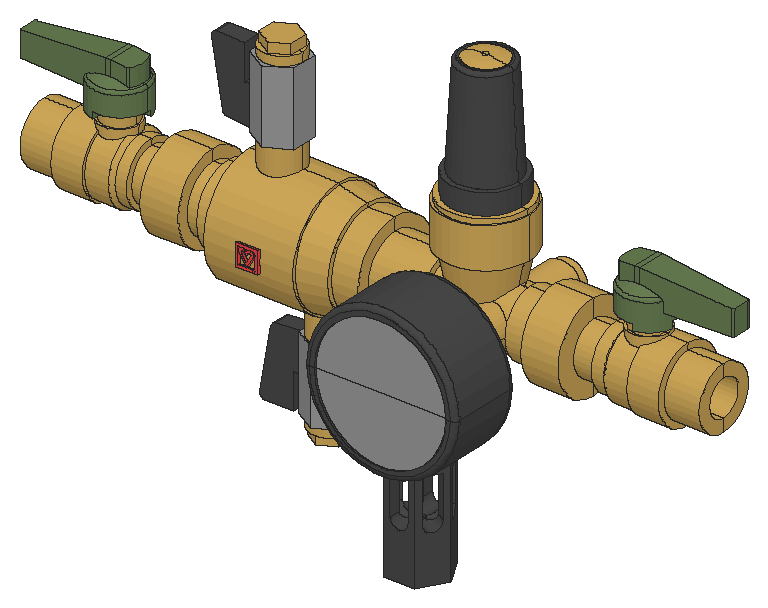
Revit family "Systemtrenner Nachfüll 0305", category Rohrzubehör, Revit 2018
Family settings
  Bemaßung runder Anschluss = Durchmesser verwenden
  Teiletyp = Unterbricht
  OmniClass-Nummer = 23.65.55.14
  OmniClass-Titel = Valves for Liquid Services
  Arbeitsebenenbasiert = Nein
  Immer vertikal = Ja
  Beim Laden mit Abzugskörper schneiden = Nein
  Gemeinsam genutzt = Nein
Parameters
  Voreingestellter Druck (werkseitig) = 150000.0 Pa  # constant formula
  W02 = 80.00°  # constant formula
  W01 = 45.00°  # constant formula
  URL = "www.herz-armaturen.at"
  SC_NennweiteBerechnet = 0
  SC_Dimension = ""
  SCTWSEQ = "AW;SBT_TYP_AW=\"104\";2"
  SCTWCODE = "04;12;02"  # constant formula
  S08 = 65.000 mm  # constant formula
  S07 = 75.000 mm  # constant formula
  S06 = 27.000 mm  # constant formula
  S05 = 8.000 mm  # constant formula
  S04 = 20.000 mm  # constant formula
  S03 = 40.000 mm  # constant formula
  S02 [instance] = L17 + L18 + L19 + L20 + L21  # 74.900 mm
  S01 [instance] = D02 - 2.000 mm  # 13.200 mm
  R08 = 8.500 mm  # constant formula
  R07 = 31.000 mm  # constant formula
  R06 = 7.300 mm  # constant formula
  R05 = 6.500 mm  # constant formula
  R04 = 7.500 mm  # constant formula
  R03 = 8.500 mm  # constant formula
  R02 = 7.000 mm  # constant formula
  R01 = 8.000 mm  # constant formula
  Nennweite [instance] = 15.000 mm
  Medium = "Wasser"  # constant formula
  Max. Betriebstemperatur (Kurzzeitig) = 85 °C  # constant formula
  Max. Betriebstemperatur = 65 °C  # constant formula
  Max. Betriebsdruck = 1000000.0 Pa  # constant formula
  L29 = 28.800 mm  # constant formula
  L28 = 85.300 mm  # constant formula
  L27 = 44.500 mm  # constant formula
  L26 = 48.500 mm  # constant formula
  L25 = 28.600 mm  # constant formula
  L24 = 10.100 mm  # constant formula
  L23 = 34.000 mm  # constant formula
  L22 = 22.000 mm  # constant formula
  L21 = 11.000 mm  # constant formula
  L20 = 12.000 mm  # constant formula
  L19 = 36.700 mm  # constant formula
  L18 = 8.700 mm  # constant formula
  L17 = 6.500 mm  # constant formula
  L16 = 70.500 mm  # constant formula
  L15 = 18.800 mm  # constant formula
  L14 = 30.000 mm  # constant formula
  L13 = 8.700 mm  # constant formula
  L12 = 4.800 mm  # constant formula
  L11 = 4.000 mm  # constant formula
  L10 = 23.300 mm  # constant formula
  L09 = 26.200 mm  # constant formula
  L08 = 15.500 mm  # constant formula
  L07 [instance] = size_lookup("0305_", "L7", 1.000 mm, Nennweite)  # 53.500 mm
  L06 [instance] = size_lookup("0305_", "L6", 1.000 mm, Nennweite)  # 30.700 mm
  L05 = 4.800 mm  # constant formula
  L04 = 10.000 mm  # constant formula
  L03 = 13.000 mm  # constant formula
  L02 [instance] = size_lookup("0305_", "L2", 1.000 mm, Nennweite)  # 14.600 mm
  L01 [instance] = size_lookup("0305_", "L1", 1.000 mm, Nennweite)  # 56.000 mm
  L00 [instance] = size_lookup("0305_", "L", 1.000 mm, Nennweite)  # 139.500 mm
  IG [instance] = Nennweite / 2  # 7.500 mm
  Hinweis = "Gemäß Art 33 der REACH-Verordnung (EG Nr. 1907/2006) sind wir verpflichtet, darauf hinzuweisen, dass der Stoff Blei auf der SVHC-Liste geführt wird und dass alle aus Messing bestehenden Bauteile, die in unseren Erzeugnissen verarbeitet sind, mehr als 0,1 % (w/w) Blei (CAS: 7439-92-1 / EINECS: 231-100-4) enthalten.\r\nDa Blei als Legierungsbestandteil fest gebunden ist, sind keine Expositionen zu erwarten und daher sind keine zusätzlichen Angaben zur sicheren Verwendung notwendig."
  Hersteller = "HERZ Armaturen Ges.m.b.H."  # constant formula
  Gehäuse = "Messing, CW617N"  # constant formula
  GT [instance] = size_lookup("0305_", "GT", 1.000 mm, Nennweite)  # 12.500 mm
  Einbaulage = "waagerecht"  # constant formula
  Dichtungen = "EPDM entsprechend KTW"  # constant formula
  D18 = 92.300 mm  # constant formula
  D17 = 66.500 mm  # constant formula
  D16 = 66.700 mm  # constant formula
  D15 = 12.200 mm  # constant formula
  D14 = 14.200 mm  # constant formula
  D13 = 19.200 mm  # constant formula
  D12 = 22.800 mm  # constant formula
  D11 = 23.700 mm  # constant formula
  D10 = 16.300 mm  # constant formula
  D09 = 13.500 mm  # constant formula
  D08 = 18.000 mm  # constant formula
  D07 = 22.000 mm  # constant formula
  D06 = 16.000 mm  # constant formula
  D05 = 10.600 mm  # constant formula
  D04 = 12.900 mm  # constant formula
  D03 = 14.400 mm  # constant formula
  D02 = 15.200 mm  # constant formula
  D01 [instance] = size_lookup("0305_", "D1", 1.000 mm, Nennweite)  # 12.600 mm
  Bestellnummer [instance] = if(Nennweite = 15.000 mm, "I030501", if(Nennweite = 20.000 mm, "I030502", "0"))  # "I030501"
  Ausgangsdruck (regelbar) = "0.5-3 bar"  # constant formula
  Anwendung = "Systemtrenner haben gemäß EN 1717 die Aufgabe ein Rückdrücken, Rückfließen oder Rücksaugen von verschmutztem Wasser in das Trinkwassernetz zu verhindern.\r\nDer Einsatzbereich ist überall dort wo eine Verbindung zwischen dem Trinkwassernetz und Nutzwasser durch feste oder flexible Leitungen hergestellt wird.\r\nBevorzugte Anwendungsgebiete sind Enthärtungs-, Entsäuerungs- und Entkarbonisierungsanlagen.\r\nAußerdem können die Systemtrenner in Desinfektionsanlagen oder vor chemischen Reinigungsapparaten eingesetzt werden um das Rückfließen von chemisch belastetem Wasser zu verhindern."
Reference planes
  plane 1 "Mitte (Vorne/hinten)": y = 0
  plane 2: z = 0
  plane 3 "Mitte (Links/rechts)": x = 0
Forms (mm)
  Revolve 1, solid, material "Messing, weicher Gelbton, geschweißt", detail levels fine
    sketch origin (0, 0, 0) x (1, 0, 0) y (0, 0, 1)
      loop
        line (-127, 0) -> (-83.5, 0) -> (-83.5, 10.6) -> (-95.6, 10.6) -> (-95.6, 12.9) -> (-100.4, 12.9) -> (-101.9, 14.4) -> (-111.9, 14.4) -> (-111.9, 15.2) -> (-124.9, 15.2) -> (-124.9, 12.6) -> (-139.5, 12.6) -> (-139.5, 7.5) -> (-127, 7.5) -> (-127, 0)
      axis (-139.5, 0) -> (-83.5, 0)
    angle from 0 to 360
  Revolve 2, solid, material "Messing, weicher Gelbton, geschweißt", detail levels fine
    sketch origin (0, 0, 0) x (1, 0, 0) y (0, 0, 1)
      loop
        line (-100.8, 0) -> (-100.8, 16) -> (-101.8, 16) -> (-101.8, 22) -> (-108.8, 22) -> (-108.8, 0) -> (-100.8, 0)
      axis (-108.8, 22) -> (-108.8, 0)
    angle from 0 to 360
  Revolve 3, solid, material "Messing, weicher Gelbton, geschweißt", detail levels fine
    sketch origin (0, 0, 0) x (-1, 0, 0) y (0, 0, 1)
      loop
        line (-127, 0) -> (-83.5, 0) -> (-83.5, 10.6) -> (-95.6, 10.6) -> (-95.6, 12.9) -> (-100.4, 12.9) -> (-101.9, 14.4) -> (-111.9, 14.4) -> (-111.9, 15.2) -> (-124.9, 15.2) -> (-124.9, 12.6) -> (-139.5, 12.6) -> (-139.5, 7.5) -> (-127, 7.5) -> (-127, 0)
      axis (-139.5, 0) -> (-83.5, 0)
    angle from 0 to 360
  Revolve 4, solid, material "Messing, weicher Gelbton, geschweißt", detail levels fine
    sketch origin (0, 0, 0) x (-1, 0, 0) y (0, 0, 1)
      loop
        line (-100.8, 0) -> (-100.8, 16) -> (-101.8, 16) -> (-101.8, 22) -> (-108.8, 22) -> (-108.8, 0) -> (-100.8, 0)
      axis (-108.8, 22) -> (-108.8, 0)
    angle from 0 to 360
  Revolve 5, solid, material "Kunststoff GRÜN", detail levels fine
    sketch origin (-98.3, 0, 19.6) x (1, 0, 0) y (0, 0, 1)
      loop
        line (-10.5, 0) -> (0.9, 0) -> (0.9, 10.964)
        arc (0.9, 10.964) -> (0.673, 11.758) -> (0.059, 12.311) r 1.5
        line (0.059, 12.311) -> (-8.5, 16.5) -> (-10.5, 16.5) -> (-10.5, 0)
      axis (-10.5, 16.5) -> (-10.5, 0)
    angle from 0 to 360
  Extrusion 6, void
    sketch origin (-98.3, 0, 0) x (1, 0, 0) y (0, 1, 0)
      loop
        arc (-8.4, 11.205) -> (-18.561, 8.061) -> (-21.705, -2.1) r 11.4
        line (-21.705, -2.1) -> (-17.178, -2.1)
        arc (-17.178, -2.1) -> (-15.45, -4.95) -> (-12.6, -6.678) r 7
        line (-12.6, -6.678) -> (-12.6, -11.205)
        arc (-12.6, -11.205) -> (-2.439, -8.061) -> (0.705, 2.1) r 11.4
        line (0.705, 2.1) -> (-3.822, 2.1)
        arc (-3.822, 2.1) -> (-5.55, 4.95) -> (-8.4, 6.678) r 7
        line (-8.4, 6.678) -> (-8.4, 11.205)
    from 19.6 to 22.3
  Extrusion 7, solid, material "Kunststoff GRÜN", detail levels fine
    sketch origin (-98.3, 0, 0) x (1, 0, 0) y (0, 1, 0)
      loop
        line (-48.5, 3.242) -> (-48.5, -3.242)
        arc (-48.5, -3.242) -> (-48.281, -3.792) -> (-47.743, -4.041) r 0.8
        line (-47.743, -4.041) -> (-11.5, -5.987) -> (-9.5, -5.987) -> (-3.01, -5.535)
        arc (-3.01, -5.535) -> (-2.552, -5.387) -> (-2.216, -5.042) r 1
        arc (-2.216, -5.042) -> (-0.852, 0) -> (-2.216, 5.042) r 10
        arc (-2.216, 5.042) -> (-2.552, 5.387) -> (-3.01, 5.535) r 1
        line (-3.01, 5.535) -> (-9.5, 5.987) -> (-10.5, 5.987) -> (-11.5, 5.987) -> (-47.743, 4.041)
        arc (-47.743, 4.041) -> (-48.281, 3.792) -> (-48.5, 3.242) r 0.8
    from 26.6 to 40.1
  Extrusion 8, void
    sketch origin (-108.8, 0, 0) x (1, 0, 0) y (0, 0, 1)
      loop
        line (1, 40.1) -> (10.462, 39.272) -> (10.462, 41.682) -> (-40.279, 41.682) -> (-40.279, 36.664) -> (-1, 40.1) -> (0, 40.1) -> (1, 40.1)
    from 8 to -8
  Revolve 9, solid, material "Kunststoff GRÜN", detail levels fine
    sketch origin (98.3, 0, 19.6) x (-1, 0, 0) y (0, 0, -1)
      loop
        line (-10.5, 0) -> (-10.5, -16.5) -> (-8.5, -16.5) -> (0.059, -12.311)
        arc (0.059, -12.311) -> (0.673, -11.758) -> (0.9, -10.964) r 1.5
        line (0.9, -10.964) -> (0.9, 0) -> (-10.5, 0)
      axis (-10.5, -16.5) -> (-10.5, 0)
    angle from 0 to 360
  Extrusion 10, void
    sketch origin (98.3, 0, 0) x (-1, 0, 0) y (0, -1, 0)
      loop
        line (-8.4, -11.205) -> (-8.4, -6.678)
        arc (-8.4, -6.678) -> (-5.55, -4.95) -> (-3.822, -2.1) r 7
        line (-3.822, -2.1) -> (0.705, -2.1)
        arc (0.705, -2.1) -> (-2.439, 8.061) -> (-12.6, 11.205) r 11.4
        line (-12.6, 11.205) -> (-12.6, 6.678)
        arc (-12.6, 6.678) -> (-15.45, 4.95) -> (-17.178, 2.1) r 7
        line (-17.178, 2.1) -> (-21.705, 2.1)
        arc (-21.705, 2.1) -> (-18.561, -8.061) -> (-8.4, -11.205) r 11.4
    from 19.6 to 22.3
  Extrusion 11, solid, material "Kunststoff GRÜN", detail levels fine
    sketch origin (98.3, 0, 0) x (-1, 0, 0) y (0, -1, 0)
      loop
        arc (-48.5, -3.242) -> (-48.281, -3.792) -> (-47.743, -4.041) r 0.8
        line (-47.743, -4.041) -> (-11.5, -5.987) -> (-10.5, -5.987) -> (-9.5, -5.987) -> (-3.01, -5.535)
        arc (-3.01, -5.535) -> (-2.552, -5.387) -> (-2.216, -5.042) r 1
        arc (-2.216, -5.042) -> (-0.852, 0) -> (-2.216, 5.042) r 10
        arc (-2.216, 5.042) -> (-2.552, 5.387) -> (-3.01, 5.535) r 1
        line (-3.01, 5.535) -> (-9.5, 5.987) -> (-11.5, 5.987) -> (-47.743, 4.041)
        arc (-47.743, 4.041) -> (-48.281, 3.792) -> (-48.5, 3.242) r 0.8
        line (-48.5, 3.242) -> (-48.5, -3.242)
    from 26.6 to 40.1
  Extrusion 12, void
    sketch origin (108.8, 0, 0) x (-1, 0, 0) y (0, 0, -1)
      loop
        line (1, -40.1) -> (0, -40.1) -> (-1, -40.1) -> (-40.279, -36.664) -> (-40.279, -41.682) -> (10.462, -41.682) -> (10.462, -39.272) -> (1, -40.1)
    from 8 to -8
  Revolve 13, solid, material "Messing, weicher Gelbton, geschweißt", detail levels fine
    sketch origin (0, 0, 0) x (1, 0, 0) y (0, 0, 1)
      loop
        line (-86, 0) -> (-70.5, 0) -> (-70.5, 18) -> (-86, 18) -> (-86, 0)
      axis (-86, 0) -> (-70.5, 0)
    angle from 0 to 360
  Revolve 14, solid, material "Messing, weicher Gelbton, geschweißt", detail levels fine
    sketch origin (0, 0, 0) x (-1, 0, 0) y (0, 0, 1)
      loop
        line (-86, 0) -> (-70.5, 0) -> (-70.5, 18) -> (-86, 18) -> (-86, 0)
      axis (-86, 0) -> (-70.5, 0)
    angle from 0 to 360
  Revolve 15, solid, material "Messing, weicher Gelbton, geschweißt", detail levels fine
    sketch origin (0, 0, 0) x (1, 0, 0) y (0, 1, 0)
      loop
        line (59.2, 26.2) -> (59.2, 30.2) -> (51.7, 30.2) -> (51.7, -28.1) -> (58.2, -28.1) -> (58.2, -23.3) -> (60.2, -23.3) -> (60.2, 26.2) -> (59.2, 26.2)
      axis (51.7, 30.2) -> (51.7, -28.1)
    angle from 0 to 360
  Revolve 16, solid, material "Kunststoff - SCHWARZ", detail levels fine
    sketch origin (0, 0, 0) x (1, 0, 0) y (0, 1, 0)
      loop
        line (51.7, -28.1) -> (51.7, -64.8) -> (78.7, -64.8) -> (78.7, -66.8) -> (80.7, -66.8)
        arc (80.7, -66.8) -> (82.114, -66.214) -> (82.7, -64.8) r 2
        line (82.7, -64.8) -> (82.7, -38.8)
        arc (82.7, -38.8) -> (82.114, -37.386) -> (80.7, -36.8) r 2
        line (80.7, -36.8) -> (59, -36.8) -> (59, -28.1) -> (51.7, -28.1)
      axis (51.7, -28.1) -> (51.7, -66.8)
    angle from 0 to 360
  Revolve 17, solid, material "Messing, weicher Gelbton, geschweißt", detail levels fine
    sketch origin (0, 0, 0) x (1, 0, 0) y (0, 0, 1)
      loop
        line (-70.5, 0) -> (70.5, 0) -> (70.5, 13.5) -> (60.4, 13.5) -> (60.4, 12.2) -> (26.4, 12.2) -> (26.4, 14.2) -> (4.4, 14.2) -> (4.4, 19.2) -> (-6.6, 19.2) -> (-6.6, 20.684) -> (-18.6, 22.8) -> (-18.6, 23.7) -> (-55.3, 23.7) -> (-55.3, 16.3) -> (-64, 16.3) -> (-64, 13.5) -> (-70.5, 13.5) -> (-70.5, 0)
      axis (-70.5, 0) -> (70.5, 0)
    angle from 0 to 360
  Revolve 18, solid, material "Messing, weicher Gelbton, geschweißt", detail levels fine
    sketch origin (0, 0, 0) x (1, 0, 0) y (0, 0, 1)
      loop
        line (-41.9, 0) -> (-33.4, 0) -> (-33.4, 66.7) -> (-41.9, 66.7) -> (-41.9, 0)
      axis (-41.9, 0) -> (-41.9, 66.7)
    angle from 0 to 360
  Revolve 19, solid, material "Messing, weicher Gelbton, geschweißt", detail levels fine
    sketch origin (0, 0, 0) x (1, 0, 0) y (0, 0, -1)
      loop
        line (-22, 0) -> (-13.5, 0) -> (-13.5, 66.7) -> (-22, 66.7) -> (-22, 0)
      axis (-22, 0) -> (-22, 66.7)
    angle from 0 to 360
  Extrusion 20, solid, material "Messing, weicher Gelbton, geschweißt", detail levels fine
    sketch origin (0, 0, 0) x (1, 0, 0) y (0, 1, 0)
      loop
        line (-41.9, 7.5) -> (-48.395, 3.75) -> (-48.395, -3.75) -> (-41.9, -7.5) -> (-35.405, -3.75) -> (-35.405, 3.75) -> (-41.9, 7.5)
    from 66.7 <- "D16" to 70.7
  Extrusion 21, solid, material "Messing, weicher Gelbton, geschweißt", detail levels fine
    sketch origin (0, 0, 0) x (1, 0, 0) y (0, 1, 0)
      loop
        line (-22, 7.5) -> (-28.495, 3.75) -> (-28.495, -3.75) -> (-22, -7.5) -> (-15.505, -3.75) -> (-15.505, 3.75) -> (-22, 7.5)
    from -70.7 to -66.7
  Extrusion 22, solid, material "Aluminium 3003-H16", detail levels fine
    sketch origin (0, 0, 0) x (1, 0, 0) y (0, 1, 0)
      loop
        line (-41.9, 10.5) -> (-50.993, 5.25) -> (-50.993, -5.25) -> (-41.9, -10.5) -> (-32.807, -5.25) -> (-32.807, 5.25) -> (-41.9, 10.5)
    from 33.3 to 63.3
  Extrusion 23, solid, material "Aluminium 3003-H16", detail levels fine
    sketch origin (0, 0, 0) x (1, 0, 0) y (0, 1, 0)
      loop
        line (-22, 10.5) -> (-31.093, 5.25) -> (-31.093, -5.25) -> (-22, -10.5) -> (-12.907, -5.25) -> (-12.907, 5.25) -> (-22, 10.5)
    from -63.3 to -33.3
  Extrusion 24, solid, material "Kunststoff - SCHWARZ", detail levels fine
    sketch origin (0, 0, 0) x (1, 0, 0) y (0, 0, 1)
      loop
        line (-31.093, -33.8) -> (-41.854, -34.675)
        arc (-41.854, -34.675) -> (-43.039, -35.189) -> (-43.662, -36.321) r 2
        line (-43.662, -36.321) -> (-48.186, -61.952)
        arc (-48.186, -61.952) -> (-47.748, -63.585) -> (-46.216, -64.3) r 2
        line (-46.216, -64.3) -> (-34.4, -64.3) -> (-34.4, -49.8) -> (-22, -49.8) -> (-22, -33.8) -> (-31.093, -33.8)
    from -3.5 to 3.5
  Extrusion 25, solid, material "Kunststoff - SCHWARZ", detail levels fine
    sketch origin (-20, 0, 0) x (1, 0, 0) y (0, 0, 1)
      loop
        line (-31.093, 33.8) -> (-22, 33.8) -> (-22, 49.8) -> (-34.4, 49.8) -> (-34.4, 64.3) -> (-46.216, 64.3)
        arc (-46.216, 64.3) -> (-47.748, 63.585) -> (-48.186, 61.952) r 2
        line (-48.186, 61.952) -> (-43.662, 36.321)
        arc (-43.662, 36.321) -> (-43.039, 35.189) -> (-41.854, 34.675) r 2
        line (-41.854, 34.675) -> (-31.093, 33.8)
    from -3.5 to 3.5
  Revolve 26, solid, material "Messing, weicher Gelbton, geschweißt", detail levels fine
    sketch origin (0, 0, 0) x (1, 0, 0) y (0, 0, 1)
      loop
        line (-26, 0) -> (9.709, -35.709) -> (14.517, -30.901) -> (13.103, -29.486) -> (14.164, -28.426) -> (11.335, -25.597) -> (12.042, -24.89) -> (-19.424, 6.576) -> (-26, 0)
      axis (-26, 0) -> (9.709, -35.709)
    angle from 0 to 360
  Revolve 27, solid, material "Messing, weicher Gelbton, geschweißt", detail levels fine
    sketch origin (0, 0, 0) x (1, 0, 0) y (0, 0, 1)
      loop
        line (14.8, -48) -> (14.8, -66.5) -> (21.3, -66.5) -> (21.3, -65.5) -> (24.6, -65.5) -> (24.6, -54) -> (23.1, -54) -> (23.1, -50) -> (21.6, -50) -> (21.6, -48) -> (14.8, -48)
      axis (14.8, -48) -> (14.8, -66.5)
    angle from 0 to 360
  SweptBlend 28, solid, material "Messing, weicher Gelbton, geschweißt", detail levels fine
    path origin (0, 0, 0) x (1, 0, 0) y (0, 0, 1)
      loop
        arc (14.8, -48) -> (13.5, -41.338) -> (9.709, -35.709) r 17.079
    profile origin (14.8, 0, -48) x (-0.999973, 0, 0.007372) y (0, -1, 0)
      loop
        circle (0, 0) r 6.8
    end profile origin (9.709, 0, -35.709) x (-0.701878, 0, -0.712297) y (0, -1, 0)
      loop
        circle (0, 0) r 6.8
  Extrusion 29, solid, material "Kunststoff - SCHWARZ", detail levels fine
    sketch origin (1.983, -7.4, 0) x (0.866025, 0.5, 0) y (-0.5, 0.866025, 0)
      loop
        line (14.8, 12.5) -> (3.975, 6.25) -> (3.975, -6.25) -> (14.8, -12.5) -> (25.625, -6.25) -> (25.625, 6.25) -> (14.8, 12.5)
    from -107 to -58
  Extrusion 30, void
    sketch origin (0, 0, 0) x (1, 0, 0) y (0, 0, 1)
      loop
        line (11.05, -66.5) -> (11.05, -84.05)
        arc (11.05, -84.05) -> (14.8, -87.8) -> (18.55, -84.05) r 3.75
        line (18.55, -84.05) -> (18.55, -66.5) -> (11.05, -66.5)
    from 1 to 12
  Extrusion 31, void
    sketch origin (22.2, 12.817, 0) x (-0.5, -0.866025, 0) y (0, 0, -1)
      loop
        line (11.05, 66.5) -> (18.55, 66.5) -> (18.55, 84.05)
        arc (18.55, 84.05) -> (14.8, 87.8) -> (11.05, 84.05) r 3.75
        line (11.05, 84.05) -> (11.05, 66.5)
    from -12 to -1
  Extrusion 32, void
    sketch origin (22.2, -12.817, 0) x (-0.5, 0.866025, 0) y (0, 0, 1)
      loop
        line (11.05, -66.5) -> (11.05, -84.05)
        arc (11.05, -84.05) -> (14.8, -87.8) -> (18.55, -84.05) r 3.75
        line (18.55, -84.05) -> (18.55, -66.5) -> (11.05, -66.5)
    from -12 to -1
  Extrusion 33, void
    sketch origin (0, 0, 0) x (1, 0, 0) y (0, 0, 1)
      loop
        line (11.05, -66.5) -> (11.05, -84.05)
        arc (11.05, -84.05) -> (14.8, -87.8) -> (18.55, -84.05) r 3.75
        line (18.55, -84.05) -> (18.55, -66.5) -> (11.05, -66.5)
    from -12 to -1
  Extrusion 34, void
    sketch origin (22.2, -12.817, 0) x (-0.5, 0.866025, 0) y (0, 0, -1)
      loop
        line (11.05, 66.5) -> (18.55, 66.5) -> (18.55, 84.05)
        arc (18.55, 84.05) -> (14.8, 87.8) -> (11.05, 84.05) r 3.75
        line (11.05, 84.05) -> (11.05, 66.5)
    from -12 to -1
  Extrusion 35, void
    sketch origin (22.2, 12.817, 0) x (-0.5, -0.866025, 0) y (0, 0, 1)
      loop
        line (11.05, -66.5) -> (11.05, -84.05)
        arc (11.05, -84.05) -> (14.8, -87.8) -> (18.55, -84.05) r 3.75
        line (18.55, -84.05) -> (18.55, -66.5) -> (11.05, -66.5)
    from -12 to -1
  Extrusion 36, void
    sketch origin (0, 0, 0) x (1, 0, 0) y (0, 1, 0)
      loop
        circle (14.8, 0) r 2
    from -88.4 to -66.5
  Revolve 37, solid, material "Messing, weicher Gelbton, geschweißt", detail levels fine
    sketch origin (0, 0, 0) x (1, 0, 0) y (0, 0, 1)
      loop
        line (41.7, 0) -> (52.967, 0) -> (57.7, 22.6) -> (59.7, 22.6) -> (59.7, 39.2) -> (58.9, 39.2) -> (58.9, 41.2) -> (41.7, 41.2) -> (41.7, 0)
      axis (41.7, 41.2) -> (41.7, 0)
    angle from 0 to 360
  Revolve 38, solid, material "Kunststoff - SCHWARZ", detail levels fine
    sketch origin (0, 0, 0) x (1, 0, 0) y (0, 0, 1)
      loop
        line (41.7, 41.2) -> (56.7, 41.2) -> (56.7, 49.7) -> (54.7, 49.7) -> (52.769, 89.772)
        arc (52.769, 89.772) -> (52.305, 90.786) -> (51.271, 91.2) r 1.5
        line (51.271, 91.2) -> (41.7, 91.2) -> (41.7, 41.2)
      axis (41.7, 91.2) -> (41.7, 41.2)
    angle from 0 to 360
  Revolve 39, solid, material "Messing, weicher Gelbton, geschweißt", detail levels fine
    sketch origin (0, 0, 0) x (1, 0, 0) y (0, 0, 1)
      loop
        line (41.7, 90.224) -> (50.2, 90.224) -> (50.2, 91.262)
        arc (50.2, 91.262) -> (46.695, 92.029) -> (43.118, 92.3) r 25.716
        line (43.118, 92.3) -> (41.7, 92.3) -> (41.7, 90.224)
      axis (41.7, 92.3) -> (41.7, 90.224)
    angle from 0 to 360
  Revolve 40, solid, material "Acetalharz, Weiß", detail levels fine
    sketch origin (0, 0, 0) x (1, 0, 0) y (0, 1, 0)
      loop
        line (51.7, -64.8) -> (51.7, -66.3) -> (78.7, -66.3) -> (78.7, -64.8) -> (51.7, -64.8)
      axis (51.7, -66.3) -> (51.7, -64.8)
    angle from 0 to 360
Cuts and joins
  Extrusion 6, Extrusion 10 cuts Revolve 5
  Extrusion 8, Extrusion 12 cuts Extrusion 7
  Extrusion 10 cuts Revolve 2
  Extrusion 10 cuts Revolve 9
  Extrusion 12 cuts Extrusion 11
  Extrusion 30, Extrusion 31, Extrusion 32, Extrusion 33, Extrusion 34, Extrusion 35, Extrusion 36 cuts Revolve 27
  Extrusion 30, Extrusion 31, Extrusion 32, Extrusion 33, Extrusion 34, Extrusion 35, Extrusion 36 cuts Extrusion 29
Lines and regions (mm)
  model lines
    curve 1: line (-70.5, 0, 0) -> (4.4, 0, 0)
  model lines, detail levels coarse+medium
    curve 2: line (-139.5, 0, 15.2) -> (-139.5, 0, -15.2)
    curve 3: line (-139.5, 0, -15.2) -> (-83.5, 0, 15.2)
    curve 4: line (-83.5, 0, 15.2) -> (-83.5, 0, -15.2)
    curve 5: line (-83.5, 0, -15.2) -> (-139.5, 0, 15.2)
    curve 6: circle (-111.5, 0, 0) r 13.2 normal (0, -1, 0)
    curve 7: line (139.5, 0, 15.2) -> (139.5, 0, -15.2)
    curve 8: line (139.5, 0, -15.2) -> (83.5, 0, 15.2)
    curve 9: line (83.5, 0, 15.2) -> (83.5, 0, -15.2)
    curve 10: line (83.5, 0, -15.2) -> (139.5, 0, 15.2)
    curve 11: circle (111.5, 0, 0) r 13.2 normal (0, 1, 0)
    curve 12: line (-70.5, 0, 23.7) -> (4.4, 0, 23.7)
    curve 13: line (-70.5, 0, -23.7) -> (-70.5, 0, 23.7)
    curve 14: line (4.4, 0, -23.7) -> (-70.5, 0, -23.7)
    curve 15: line (4.4, 0, 23.7) -> (4.4, 0, -23.7)
    curve 16: line (-83.5, 0, 0) -> (-70.5, 0, 0)
    curve 17: line (-70.5, 0, 15.7) -> (-30.5, 0, 15.7)
    curve 18: line (-15.6, 0, 15.7) -> (4.4, 0, 15.7)
    curve 19: line (-70.5, 0, -15.7) -> (-30.5, 0, -15.7)
    curve 20: line (-15.6, 0, -15.7) -> (4.4, 0, -15.7)
    curve 21: line (4.4, 0, 0) -> (83.5, 0, 0)
    curve 22: circle (51.592, 0, 47) r 27 normal (0, -1, 0)
    curve 23: line (35.682, 0, 31.09) -> (67.502, 0, 62.91)
    curve 24: line (67.502, 0, 62.91) -> (67.502, 0, 52.91)
    curve 25: line (67.502, 0, 62.91) -> (57.502, 0, 62.91)
    curve 26: line (51.592, 0, 20) -> (51.592, 0, 0)
    curve 27: line (4.4, 0, -23.7) -> (4.4, 0, -75)
    curve 28: line (-8.1, 0, -65) -> (16.9, 0, -65)
    curve 29: line (-139.5, 15.2, 0) -> (-139.5, -15.2, 0)
    curve 30: line (-139.5, -15.2, 0) -> (-83.5, 15.2, 0)
    curve 31: line (-83.5, 15.2, 0) -> (-83.5, -15.2, 0)
    curve 32: line (-83.5, -15.2, 0) -> (-139.5, 15.2, 0)
    curve 33: circle (-111.5, 0, 0) r 13.2 normal (0, 0, 1)
    curve 34: line (139.5, 15.2, 0) -> (139.5, -15.2, 0)
    curve 35: line (139.5, -15.2, 0) -> (83.5, 15.2, 0)
    curve 36: line (83.5, 15.2, 0) -> (83.5, -15.2, 0)
    curve 37: line (83.5, -15.2, 0) -> (139.5, 15.2, 0)
    curve 38: circle (111.5, 0, 0) r 13.2 normal (0, 0, -1)
    curve 39: circle (41.3, 36.063, 0) r 27 normal (0, 0, 1)
    curve 40: line (25.39, 20.154, 0) -> (57.21, 51.973, 0)
    curve 41: line (57.21, 51.973, 0) -> (57.21, 41.973, 0)
    curve 42: line (57.21, 51.973, 0) -> (47.21, 51.973, 0)
    curve 43: line (41.3, 9.063, 0) -> (41.3, 0, 0)
    curve 44: line (-70.5, 23.7, 0) -> (4.4, 23.7, 0)
    curve 45: line (-70.5, -23.7, 0) -> (-70.5, 23.7, 0)
    curve 46: line (4.4, -23.7, 0) -> (-70.5, -23.7, 0)
    curve 47: line (4.4, 23.7, 0) -> (4.4, -23.7, 0)
    curve 48: line (-70.5, 15.7, 0) -> (-30.5, 15.7, 0)
    curve 49: line (4.4, 15.7, 0) -> (-15.6, 15.7, 0)
    curve 50: line (-70.5, -15.7, 0) -> (-30.5, -15.7, 0)
    curve 51: line (4.4, -15.7, 0) -> (-15.6, -15.7, 0)
    curve 52: line (4.4, -23.7, 0) -> (4.4, -75, 0)
    curve 53: line (-8.1, -65, 0) -> (16.9, -65, 0)
Dimensions and locks
  "IG": Revolve 1 sketch curve to plane 2
  "L01": Revolve 1 sketch curve to Revolve 1 sketch curve
  "L02": Revolve 1 sketch curve to Revolve 1 sketch curve
  "L03": Revolve 1 sketch curve to Revolve 1 sketch curve
  "L04": Revolve 1 sketch curve to Revolve 1 sketch curve
  "L05": Revolve 1 sketch curve to Revolve 1 sketch curve
  "D01": Revolve 1 sketch curve to plane 2
  "D02": Revolve 1 sketch curve to Revolve 1 sketch curve
  "D03": Revolve 1 sketch curve to plane 2
  "D04": Revolve 1 sketch curve to plane 2
  "D05": Revolve 1 sketch curve to plane 2
  "R01": Revolve 2 sketch curve to Revolve 2 sketch curve
  "L06": Revolve 1 to Revolve 2 sketch curve
  "D06": Revolve 2 sketch curve to plane 2
  "R02": Revolve 2 sketch curve to Revolve 2 sketch curve
  "D07": Revolve 2 sketch curve to plane 2
  "L00": plane 3 "Mitte (Links/rechts)" to Revolve 1 sketch curve
  "L01": Revolve 3 sketch curve to Revolve 3 sketch curve
  "L02": Revolve 3 sketch curve to Revolve 3 sketch curve
  "L03": Revolve 3 sketch curve to Revolve 3 sketch curve
  "L04": Revolve 3 sketch curve to Revolve 3 sketch curve
  "L05": Revolve 3 sketch curve to Revolve 3 sketch curve
  "D02": Revolve 3 sketch curve to Revolve 3 sketch curve
  "R01": Revolve 4 sketch curve to Revolve 4 sketch curve
  "L06": Revolve 3 to Revolve 4 sketch curve
  "R02": Revolve 4 sketch curve to Revolve 4 sketch curve
  "L00": plane 3 "Mitte (Links/rechts)" to Revolve 3 sketch curve
  "L06": Revolve 5 sketch curve to Revolve 1
  cut or joined group of Revolve 5, Extrusion 6, Extrusion 10 to plane 2 = 22.300 mm
  Extrusion 10 to plane 2 = 22.300 mm
  "L06": Revolve 9 sketch curve to Revolve 3
  "L07": Revolve 13 sketch curve to Revolve 1
  "L08": Revolve 13 sketch curve to Revolve 13 sketch curve
  "D08": Revolve 13 sketch curve to plane 2
  "L08": Revolve 14 sketch curve to Revolve 14 sketch curve
  "L07": Revolve 14 sketch curve to Revolve 3
  "D08": Revolve 14 sketch curve to plane 2
  "IG": Revolve 3 sketch curve to plane 2
  "D01": Revolve 3 sketch curve to plane 2
  "D05": Revolve 3 sketch curve to plane 2
  "D04": Revolve 3 sketch curve to plane 2
  "D03": Revolve 3 sketch curve to plane 2
  "D06": Revolve 4 sketch curve to plane 2
  "D07": Revolve 4 sketch curve to plane 2
  "L06": Extrusion 11 sketch curve to Revolve 3
  "L06": Revolve 1 to Extrusion 7 sketch curve
  cut or joined group of Extrusion 7, Extrusion 8, Extrusion 12 to Extrusion 7 sketch curve = 38.000 mm
  Extrusion 11 sketch curve to cut or joined group of Extrusion 11, Extrusion 12 = 38.000 mm
  "L06": Revolve 1 to Extrusion 8 sketch curve
  "L06": Extrusion 12 sketch curve to Revolve 3
  "R03": Revolve 15 sketch curve to Revolve 15 sketch curve
  "L09": plane 1 "Mitte (Vorne/hinten)" to Revolve 15 sketch curve
  "L10": Revolve 15 sketch curve to plane 1 "Mitte (Vorne/hinten)"
  "R04": Revolve 15 sketch curve to Revolve 15 sketch curve
  "L11": Revolve 15 sketch curve to Revolve 15 sketch curve
  "R05": Revolve 15 sketch curve to Revolve 15 sketch curve
  "L15": Revolve 15 sketch curve to Revolve 14
  "L12": Revolve 15 sketch curve to Revolve 15 sketch curve
  "R06": Revolve 15 sketch curve to Revolve 16 sketch curve
  "L13": Revolve 16 sketch curve to Revolve 16 sketch curve
  "R07": Revolve 15 sketch curve to Revolve 16 sketch curve
  "L14": Revolve 16 sketch curve to Revolve 16 sketch curve
  "R07": Revolve 16 sketch curve to Revolve 16 sketch curve
  Revolve 16 sketch curve to Revolve 16 sketch curve = 7.300 mm
  "GT": Revolve 1 sketch curve to Revolve 1 sketch curve
  "GT": Revolve 3 sketch curve to Revolve 3 sketch curve
  "L16": plane 3 "Mitte (Links/rechts)" to Revolve 17 sketch curve
  "L17": Revolve 17 sketch curve to Revolve 17 sketch curve
  "L18": Revolve 17 sketch curve to Revolve 17 sketch curve
  "L19": Revolve 17 sketch curve to Revolve 17 sketch curve
  "L20": Revolve 17 sketch curve to Revolve 17 sketch curve
  "L21": Revolve 17 sketch curve to Revolve 17 sketch curve
  "L22": Revolve 17 sketch curve to Revolve 17 sketch curve
  "L23": Revolve 17 sketch curve to Revolve 17 sketch curve
  "L24": Revolve 17 sketch curve to Revolve 17 sketch curve
  "D09": Revolve 17 sketch curve to plane 2  (x2)
  "D10": Revolve 17 sketch curve to plane 2
  "D11": Revolve 17 sketch curve to plane 2
  "D15": Revolve 17 sketch curve to plane 2
  "D14": Revolve 17 sketch curve to plane 2
  "D13": Revolve 17 sketch curve to plane 2
  "D12": Revolve 17 sketch curve to plane 2
  "L06": Revolve 1 to Extrusion 6 sketch curve
  "L06": Extrusion 10 sketch curve to Revolve 3
  "L25": Revolve 13 to Revolve 18 sketch curve
  "R08": Revolve 18 sketch curve to Revolve 18 sketch curve
  "D16": Revolve 18 sketch curve to plane 2
  "R08": Revolve 19 sketch curve to Revolve 19 sketch curve
  "L26": Revolve 13 to Revolve 19 sketch curve
  "D16": plane 2 to Revolve 19 sketch curve
  "L25": Revolve 13 to Extrusion 20 sketch curve
  "L26": Revolve 13 to Extrusion 21 sketch curve
  "L25": Revolve 13 to Extrusion 22 sketch curve
  "L26": Revolve 13 to Extrusion 23 sketch curve
  "L27": Revolve 13 to Revolve 26 sketch curve
  "L28": Revolve 13 to Revolve 27 sketch curve
  "L29": Revolve 37 sketch curve to Revolve 14
  "D18": Revolve 39 sketch curve to plane 2
  Revolve 37 sketch curve to Revolve 37 sketch curve = 11.267 mm
  "D11": nested 1 to plane 1 "Mitte (Vorne/hinten)"
  "D02": curve 5 to plane 2 to curve 3
  "D02": curve 4 to plane 2 to curve 5
  "L00": plane 3 "Mitte (Links/rechts)" to curve 2
  "L01": curve 2 to curve 4
  "D02": curve 10 to plane 2 to curve 8
  "D02": curve 9 to plane 2 to curve 10
  "L00": curve 7 to plane 3 "Mitte (Links/rechts)"
  "L01": curve 9 to curve 7
  "L16": plane 3 "Mitte (Links/rechts)" to curve 13
  "S02": curve 15 to curve 13
  "D11": curve 12 to plane 2 to curve 14
  "S05": curve 19 to curve 14
  "S05": curve 12 to curve 17
  "S05": curve 12 to curve 18
  "S05": curve 20 to curve 14
  "S04": curve 18 to curve 15
  "S03": curve 17 to curve 13
  "S03": curve 19 to curve 13
  "S04": curve 20 to curve 15
  "S07": plane 2 to curve 27
  "S08": plane 2 to curve 28
  "L00": curve 29 to plane 3 "Mitte (Links/rechts)"
  "L01": curve 29 to curve 31
  "D02": curve 30 to plane 1 "Mitte (Vorne/hinten)" to curve 32
  "D02": curve 32 to plane 1 "Mitte (Vorne/hinten)" to curve 31
  equal spacing: curve 29, curve 33, curve 31
  equal spacing: curve 2, curve 6, curve 4
  equal spacing: curve 9, curve 11, curve 7
  "L01": curve 34 to curve 36
  "D02": curve 35 to plane 1 "Mitte (Vorne/hinten)" to curve 37
  "D02": curve 37 to plane 1 "Mitte (Vorne/hinten)" to curve 36
  equal spacing: curve 34, curve 38, curve 36
  "L00": plane 3 "Mitte (Links/rechts)" to curve 34
  "L16": curve 45 to plane 3 "Mitte (Links/rechts)"
  "S02": curve 45 to curve 47
  "D11": curve 46 to plane 1 "Mitte (Vorne/hinten)" to curve 44
  "S05": curve 48 to curve 44
  "S05": curve 44 to curve 49
  "S05": curve 51 to curve 46
  "S05": curve 46 to curve 50
  "S03": curve 45 to curve 48
  "S04": curve 49 to curve 47
  "S04": curve 51 to curve 47
  "S03": curve 45 to curve 50
  "S07": curve 52 to plane 1 "Mitte (Vorne/hinten)"
  "S08": curve 53 to plane 1 "Mitte (Vorne/hinten)"
  radius of cut or joined group of Extrusion 7, Extrusion 8, Extrusion 12 = 10.000 mm
  radius of cut or joined group of Extrusion 11, Extrusion 12 = 10.000 mm
  "S01": radius of curve 6
  "S01": radius of curve 11
  "S06": radius of curve 22
  "S01": radius of curve 33
  "S01": radius of curve 38
  "S06": radius of curve 39
  "W01": angle Revolve 1 sketch curve to Revolve 1 sketch curve
  "W01": angle Revolve 3 sketch curve to Revolve 3 sketch curve
  "W02": angle Revolve 17 sketch curve to Revolve 17 sketch curve
  "W01": angle Revolve 26 sketch curve to plane 2
  "W01": angle curve 23 to curve 24
  "W01": angle curve 25 to curve 23
  "W01": angle curve 40 to curve 41
  "W01": angle curve 42 to curve 40
  aligned and locked: level to plane 2
Automatic sketch dimensions
  Extrusion 24 sketch curve to plane 3 "Mitte (Links/rechts)" = 48.186 mm
  Extrusion 24 sketch curve to Extrusion 24 sketch curve = 1.970 mm  (x2)
  Extrusion 24 sketch curve to Extrusion 24 sketch curve = 4.524 mm
  Extrusion 24 sketch curve to Extrusion 24 sketch curve = 1.807 mm
  Extrusion 24 sketch curve to Extrusion 24 sketch curve = 7.292 mm
  Extrusion 24 sketch curve to Extrusion 24 sketch curve = 10.761 mm
  Extrusion 24 sketch curve to Extrusion 24 sketch curve = 12.400 mm
  Extrusion 24 sketch curve to level = 64.300 mm
  Extrusion 24 sketch curve to Extrusion 24 sketch curve = 2.000 mm
  Extrusion 24 sketch curve to Extrusion 24 sketch curve = 14.500 mm
  Extrusion 24 sketch curve to Extrusion 24 sketch curve = 13.132 mm
  Extrusion 24 sketch curve to Extrusion 24 sketch curve = 0.348 mm
  Extrusion 24 sketch curve to Extrusion 24 sketch curve = 0.875 mm
  plane 3 "Mitte (Links/rechts)" to Extrusion 25 sketch curve = 68.186 mm
  Extrusion 25 sketch curve to Extrusion 25 sketch curve = 1.970 mm  (x2)
  Extrusion 25 sketch curve to Extrusion 25 sketch curve = 4.524 mm
  Extrusion 25 sketch curve to level = 34.675 mm
  Extrusion 25 sketch curve to Extrusion 25 sketch curve = 1.807 mm
  Extrusion 25 sketch curve to Extrusion 25 sketch curve = 7.292 mm
  Extrusion 25 sketch curve to Extrusion 25 sketch curve = 10.761 mm
  Extrusion 25 sketch curve to Extrusion 25 sketch curve = 12.400 mm
  Extrusion 25 sketch curve to Extrusion 25 sketch curve = 1.646 mm
  Extrusion 25 sketch curve to Extrusion 25 sketch curve = 13.132 mm
  Extrusion 25 sketch curve to Extrusion 25 sketch curve = 12.152 mm
  Extrusion 25 sketch curve to Extrusion 25 sketch curve = 0.348 mm
  Extrusion 25 sketch curve to Extrusion 25 sketch curve = 0.875 mm
  SweptBlend 28 sketch curve to plane 3 "Mitte (Links/rechts)" = 2.278 mm
  SweptBlend 28 sketch curve to level = 47.874 mm
  plane 3 "Mitte (Links/rechts)" to SweptBlend 28 sketch curve = 9.709 mm
  SweptBlend 28 sketch curve to SweptBlend 28 sketch curve = 5.091 mm
  SweptBlend 28 sketch curve to SweptBlend 28 sketch curve = 0.126 mm
  plane 1 "Mitte (Vorne/hinten)" to SweptBlend 28 sketch curve = 0.000 mm  (x2)
  SweptBlend 28 sketch curve to profile plane = 0.000 mm  (x2)
  plane 1 "Mitte (Vorne/hinten)" to Extrusion 29 sketch curve = 0.000 mm  (x2)
  plane 3 "Mitte (Links/rechts)" to Extrusion 29 sketch curve = 2.300 mm
  Extrusion 29 sketch curve to Extrusion 29 sketch curve = 10.825 mm  (x3)
  Extrusion 29 sketch curve to Extrusion 29 sketch curve = 12.500 mm  (x2)
  Extrusion 29 sketch curve to Extrusion 29 sketch curve = 6.250 mm  (x2)
  plane 3 "Mitte (Links/rechts)" to Extrusion 30 sketch curve = 11.050 mm
  Extrusion 30 sketch curve to Extrusion 30 sketch curve = 3.750 mm
  Extrusion 30 sketch curve to level = 84.050 mm
  Extrusion 30 sketch curve to Extrusion 30 sketch curve = 17.550 mm
  Extrusion 30 sketch curve to Extrusion 30 sketch curve = 0.000 mm
  Extrusion 31 sketch curve to level = 66.500 mm
  Extrusion 31 sketch curve to Extrusion 31 sketch curve = 3.750 mm
  Extrusion 31 sketch curve to Extrusion 31 sketch curve = 17.550 mm
  Extrusion 31 sketch curve to Extrusion 31 sketch curve = 0.000 mm
  Extrusion 32 sketch curve to level = 66.500 mm
  Extrusion 32 sketch curve to Extrusion 32 sketch curve = 3.750 mm
  Extrusion 32 sketch curve to Extrusion 32 sketch curve = 17.550 mm
  Extrusion 32 sketch curve to Extrusion 32 sketch curve = 0.000 mm
  plane 3 "Mitte (Links/rechts)" to Extrusion 33 sketch curve = 11.050 mm
  Extrusion 33 sketch curve to Extrusion 33 sketch curve = 3.750 mm
  Extrusion 33 sketch curve to level = 84.050 mm
  Extrusion 33 sketch curve to Extrusion 33 sketch curve = 17.550 mm
  Extrusion 33 sketch curve to Extrusion 33 sketch curve = 0.000 mm
  Extrusion 34 sketch curve to level = 66.500 mm
  Extrusion 34 sketch curve to Extrusion 34 sketch curve = 3.750 mm
  Extrusion 34 sketch curve to Extrusion 34 sketch curve = 17.550 mm
  Extrusion 34 sketch curve to Extrusion 34 sketch curve = 0.000 mm
  Extrusion 35 sketch curve to level = 66.500 mm
  Extrusion 35 sketch curve to Extrusion 35 sketch curve = 3.750 mm
  Extrusion 35 sketch curve to Extrusion 35 sketch curve = 17.550 mm
  Extrusion 35 sketch curve to Extrusion 35 sketch curve = 0.000 mm
  plane 1 "Mitte (Vorne/hinten)" to Extrusion 36 sketch curve = 0.000 mm
  plane 3 "Mitte (Links/rechts)" to Extrusion 36 sketch curve = 14.800 mm
  plane 3 "Mitte (Links/rechts)" to Revolve 38 sketch curve = 41.700 mm
  Revolve 38 sketch curve to Revolve 38 sketch curve = 9.571 mm
  Revolve 38 sketch curve to Revolve 38 sketch curve = 1.498 mm
  Revolve 38 sketch curve to Revolve 38 sketch curve = 13.000 mm
  Revolve 38 sketch curve to Revolve 38 sketch curve = 2.000 mm
  level to Revolve 38 sketch curve = 41.200 mm
  Revolve 38 sketch curve to Revolve 38 sketch curve = 8.500 mm
  Revolve 38 sketch curve to Revolve 38 sketch curve = 40.000 mm
  Revolve 38 sketch curve to Revolve 38 sketch curve = 0.072 mm
  Revolve 38 sketch curve to Revolve 38 sketch curve = 0.000 mm  (x3)
  plane 3 "Mitte (Links/rechts)" to Revolve 40 sketch curve = 51.700 mm
  Revolve 40 sketch curve to Revolve 40 sketch curve = 27.000 mm
  plane 1 "Mitte (Vorne/hinten)" to Revolve 40 sketch curve = 66.300 mm
  Revolve 40 sketch curve to Revolve 40 sketch curve = 1.500 mm
  Revolve 40 sketch curve to Revolve 40 sketch curve = 0.000 mm  (x3)
  curve 26 to level = 0.000 mm
  curve 11 to level = 0.000 mm
  curve 6 to level = 0.000 mm
  curve 16 to level = 0.000 mm
  curve 28 to plane 3 "Mitte (Links/rechts)" = 8.100 mm
  curve 27 to curve 28 = 12.500 mm
  curve 26 to curve 8 = 31.908 mm
  level to curve 26 = 20.000 mm
  plane 1 "Mitte (Vorne/hinten)" to curve 43 = 0.000 mm
  plane 1 "Mitte (Vorne/hinten)" to curve 1 = 0.000 mm
  plane 1 "Mitte (Vorne/hinten)" to curve 33 = 0.000 mm
  plane 1 "Mitte (Vorne/hinten)" to curve 38 = 0.000 mm
  curve 44 to curve 39 = 36.900 mm
  curve 39 to curve 40 = 15.910 mm
  curve 39 to plane 1 "Mitte (Vorne/hinten)" = 36.063 mm
  curve 39 to curve 41 = 15.910 mm
  curve 53 to plane 3 "Mitte (Links/rechts)" = 8.100 mm
  curve 52 to curve 53 = 12.500 mm
  curve 40 to curve 43 = 15.910 mm
  Revolve 1 sketch curve to level = 0.000 mm  (x2)
  Revolve 1 sketch curve to Revolve 1 sketch curve = 1236.530 mm
  plane 3 "Mitte (Links/rechts)" to Revolve 1 sketch curve = 1839.148 mm
  Revolve 2 sketch curve to level = 0.000 mm  (x2)
  Revolve 2 sketch curve to Revolve 2 sketch curve = 0.000 mm
  Revolve 2 sketch curve to Revolve 2 sketch curve = 6.000 mm
  Revolve 3 sketch curve to level = 0.000 mm  (x2)
  Revolve 3 sketch curve to Revolve 3 sketch curve = 1236.530 mm
  plane 3 "Mitte (Links/rechts)" to Revolve 3 sketch curve = 1839.148 mm
  Revolve 4 sketch curve to level = 0.000 mm  (x2)
  Revolve 4 sketch curve to Revolve 4 sketch curve = 0.000 mm
  Revolve 4 sketch curve to Revolve 4 sketch curve = 6.000 mm
  Revolve 5 sketch curve to Revolve 5 sketch curve = 2.000 mm
  Revolve 5 sketch curve to Revolve 5 sketch curve = 7.900 mm
  level to Revolve 5 sketch curve = 31.911 mm
  Revolve 5 sketch curve to Revolve 5 sketch curve = 0.659 mm
  Revolve 5 sketch curve to Revolve 5 sketch curve = 1.500 mm
  Revolve 5 sketch curve to Revolve 5 sketch curve = 10.964 mm
  Revolve 5 sketch curve to Revolve 5 sketch curve = 5.536 mm
  Revolve 5 sketch curve to Revolve 5 sketch curve = 0.000 mm  (x3)
  Extrusion 6 sketch curve to Extrusion 6 sketch curve = 0.000 mm  (x6)
  plane 1 "Mitte (Vorne/hinten)" to Extrusion 6 sketch curve = 0.000 mm
  Extrusion 6 sketch curve to Extrusion 6 sketch curve = 2.100 mm
  plane 1 "Mitte (Vorne/hinten)" to Extrusion 6 sketch curve = 2.100 mm
  Extrusion 6 sketch curve to Extrusion 6 sketch curve = 4.578 mm  (x2)
  Extrusion 6 sketch curve to Extrusion 6 sketch curve = 4.527 mm  (x2)
  Extrusion 6 sketch curve to plane 1 "Mitte (Vorne/hinten)" = 11.205 mm
  Extrusion 6 sketch curve to plane 1 "Mitte (Vorne/hinten)" = 2.100 mm
  plane 1 "Mitte (Vorne/hinten)" to Extrusion 7 sketch curve = 0.000 mm
  Extrusion 7 sketch curve to Extrusion 7 sketch curve = 0.352 mm
  Extrusion 7 sketch curve to Extrusion 7 sketch curve = 1.000 mm  (x2)
  plane 1 "Mitte (Vorne/hinten)" to Extrusion 7 sketch curve = 5.987 mm
  Extrusion 7 sketch curve to Extrusion 7 sketch curve = 0.648 mm
  plane 1 "Mitte (Vorne/hinten)" to Extrusion 7 sketch curve = 3.242 mm
  Extrusion 7 sketch curve to Extrusion 7 sketch curve = 36.200 mm
  Extrusion 7 sketch curve to plane 1 "Mitte (Vorne/hinten)" = 3.242 mm
  Extrusion 7 sketch curve to Extrusion 7 sketch curve = 0.000 mm  (x2)
  plane 1 "Mitte (Vorne/hinten)" to Extrusion 7 sketch curve = 4.041 mm
  Extrusion 7 sketch curve to Extrusion 7 sketch curve = 0.043 mm
  Extrusion 7 sketch curve to plane 1 "Mitte (Vorne/hinten)" = 4.041 mm
  Extrusion 7 sketch curve to Extrusion 7 sketch curve = 2.000 mm
  Extrusion 7 sketch curve to plane 1 "Mitte (Vorne/hinten)" = 5.987 mm
  Extrusion 7 sketch curve to Extrusion 7 sketch curve = 6.421 mm  (x2)
  plane 1 "Mitte (Vorne/hinten)" to Extrusion 7 sketch curve = 5.535 mm
  Extrusion 7 sketch curve to Extrusion 7 sketch curve = 0.069 mm  (x2)
  Extrusion 7 sketch curve to plane 1 "Mitte (Vorne/hinten)" = 5.535 mm
  Extrusion 7 sketch curve to Extrusion 7 sketch curve = 0.998 mm  (x2)
  level to Extrusion 8 sketch curve = 40.100 mm
  Extrusion 8 sketch curve to Extrusion 8 sketch curve = 1.000 mm  (x2)
  Extrusion 8 sketch curve to Extrusion 8 sketch curve = 39.279 mm
  level to Extrusion 8 sketch curve = 39.272 mm
  Extrusion 8 sketch curve to Extrusion 8 sketch curve = 9.462 mm
  level to Extrusion 8 sketch curve = 36.664 mm
  Extrusion 8 sketch curve to Extrusion 8 sketch curve = 2.410 mm
  Revolve 9 sketch curve to Revolve 9 sketch curve = 2.000 mm
  Revolve 9 sketch curve to Revolve 9 sketch curve = 7.900 mm
  level to Revolve 9 sketch curve = 31.911 mm
  Revolve 9 sketch curve to Revolve 9 sketch curve = 0.659 mm
  Revolve 9 sketch curve to Revolve 9 sketch curve = 1.500 mm
  Revolve 9 sketch curve to Revolve 9 sketch curve = 4.189 mm
  Revolve 9 sketch curve to Revolve 9 sketch curve = 10.964 mm
  Revolve 9 sketch curve to Revolve 9 sketch curve = 0.000 mm  (x3)
  Extrusion 10 sketch curve to Extrusion 10 sketch curve = 0.000 mm  (x6)
  plane 1 "Mitte (Vorne/hinten)" to Extrusion 10 sketch curve = 0.000 mm
  Extrusion 10 sketch curve to Extrusion 10 sketch curve = 2.100 mm
  Extrusion 10 sketch curve to plane 1 "Mitte (Vorne/hinten)" = 2.100 mm
  Extrusion 10 sketch curve to Extrusion 10 sketch curve = 4.578 mm  (x2)
  Extrusion 10 sketch curve to Extrusion 10 sketch curve = 4.527 mm  (x2)
  plane 1 "Mitte (Vorne/hinten)" to Extrusion 10 sketch curve = 11.205 mm
  plane 1 "Mitte (Vorne/hinten)" to Extrusion 10 sketch curve = 2.100 mm
  plane 1 "Mitte (Vorne/hinten)" to Extrusion 11 sketch curve = 0.000 mm
  Extrusion 11 sketch curve to Extrusion 11 sketch curve = 0.352 mm
  Extrusion 11 sketch curve to Extrusion 11 sketch curve = 1.000 mm  (x2)
  Extrusion 11 sketch curve to plane 1 "Mitte (Vorne/hinten)" = 5.987 mm
  Extrusion 11 sketch curve to Extrusion 11 sketch curve = 0.648 mm
  Extrusion 11 sketch curve to plane 1 "Mitte (Vorne/hinten)" = 3.242 mm
  Extrusion 11 sketch curve to Extrusion 11 sketch curve = 36.200 mm
  plane 1 "Mitte (Vorne/hinten)" to Extrusion 11 sketch curve = 3.242 mm
  Extrusion 11 sketch curve to Extrusion 11 sketch curve = 0.000 mm  (x2)
  Extrusion 11 sketch curve to plane 1 "Mitte (Vorne/hinten)" = 4.041 mm
  Extrusion 11 sketch curve to Extrusion 11 sketch curve = 0.043 mm
  plane 1 "Mitte (Vorne/hinten)" to Extrusion 11 sketch curve = 4.041 mm
  Extrusion 11 sketch curve to Extrusion 11 sketch curve = 2.000 mm
  plane 1 "Mitte (Vorne/hinten)" to Extrusion 11 sketch curve = 5.987 mm
  Extrusion 11 sketch curve to Extrusion 11 sketch curve = 6.421 mm  (x2)
  Extrusion 11 sketch curve to plane 1 "Mitte (Vorne/hinten)" = 5.535 mm
  Extrusion 11 sketch curve to Extrusion 11 sketch curve = 0.069 mm  (x2)
  plane 1 "Mitte (Vorne/hinten)" to Extrusion 11 sketch curve = 5.535 mm
  Extrusion 11 sketch curve to Extrusion 11 sketch curve = 0.998 mm  (x2)
  Extrusion 12 sketch curve to level = 40.100 mm
  Extrusion 12 sketch curve to Extrusion 12 sketch curve = 1.000 mm  (x2)
  Extrusion 12 sketch curve to Extrusion 12 sketch curve = 39.279 mm
  Extrusion 12 sketch curve to level = 39.272 mm
  Extrusion 12 sketch curve to Extrusion 12 sketch curve = 9.462 mm
  Extrusion 12 sketch curve to level = 36.664 mm
  Extrusion 12 sketch curve to Extrusion 12 sketch curve = 2.410 mm
  Revolve 13 sketch curve to level = 0.000 mm  (x2)
  Revolve 13 sketch curve to Revolve 13 sketch curve = 1431.030 mm
  plane 3 "Mitte (Links/rechts)" to Revolve 13 sketch curve = 1839.148 mm
  Revolve 14 sketch curve to level = 0.000 mm  (x2)
  Revolve 14 sketch curve to Revolve 14 sketch curve = 1431.030 mm
  plane 3 "Mitte (Links/rechts)" to Revolve 14 sketch curve = 1839.148 mm
  Revolve 15 sketch curve to Revolve 15 sketch curve = 0.000 mm  (x3)
  Revolve 16 sketch curve to Revolve 16 sketch curve = 4.000 mm
  Revolve 16 sketch curve to Revolve 16 sketch curve = 2.000 mm  (x4)
  plane 1 "Mitte (Vorne/hinten)" to Revolve 16 sketch curve = 66.800 mm
  Revolve 16 sketch curve to Revolve 16 sketch curve = 0.000 mm  (x2)
  Revolve 17 sketch curve to level = 0.000 mm  (x2)
  Revolve 17 sketch curve to Revolve 17 sketch curve = 1436.030 mm
  Revolve 17 sketch curve to Revolve 17 sketch curve = 1768.648 mm
  Revolve 18 sketch curve to level = 0.000 mm  (x2)
  Revolve 18 sketch curve to Revolve 18 sketch curve = 0.000 mm  (x2)
  Revolve 19 sketch curve to level = 0.000 mm  (x2)
  Revolve 19 sketch curve to Revolve 19 sketch curve = 0.000 mm  (x2)
  plane 1 "Mitte (Vorne/hinten)" to Extrusion 20 sketch curve = 3.750 mm  (x2)
  Extrusion 20 sketch curve to Extrusion 20 sketch curve = 6.495 mm  (x3)
  plane 1 "Mitte (Vorne/hinten)" to Extrusion 20 sketch curve = 7.500 mm
  Extrusion 20 sketch curve to plane 1 "Mitte (Vorne/hinten)" = 3.750 mm  (x2)
  Extrusion 20 sketch curve to plane 1 "Mitte (Vorne/hinten)" = 7.500 mm
  plane 1 "Mitte (Vorne/hinten)" to Extrusion 21 sketch curve = 3.750 mm  (x2)
  Extrusion 21 sketch curve to Extrusion 21 sketch curve = 6.495 mm  (x3)
  plane 1 "Mitte (Vorne/hinten)" to Extrusion 21 sketch curve = 7.500 mm
  Extrusion 21 sketch curve to plane 1 "Mitte (Vorne/hinten)" = 3.750 mm  (x2)
  Extrusion 21 sketch curve to plane 1 "Mitte (Vorne/hinten)" = 7.500 mm
  plane 1 "Mitte (Vorne/hinten)" to Extrusion 22 sketch curve = 5.250 mm  (x2)
  Extrusion 22 sketch curve to Extrusion 22 sketch curve = 9.093 mm  (x3)
  plane 1 "Mitte (Vorne/hinten)" to Extrusion 22 sketch curve = 10.500 mm
  Extrusion 22 sketch curve to plane 1 "Mitte (Vorne/hinten)" = 5.250 mm  (x2)
  Extrusion 22 sketch curve to plane 1 "Mitte (Vorne/hinten)" = 10.500 mm
  plane 1 "Mitte (Vorne/hinten)" to Extrusion 23 sketch curve = 5.250 mm  (x2)
  Extrusion 23 sketch curve to Extrusion 23 sketch curve = 9.093 mm  (x3)
  plane 1 "Mitte (Vorne/hinten)" to Extrusion 23 sketch curve = 10.500 mm
  Extrusion 23 sketch curve to plane 1 "Mitte (Vorne/hinten)" = 5.250 mm  (x2)
  Extrusion 23 sketch curve to plane 1 "Mitte (Vorne/hinten)" = 10.500 mm
  Revolve 26 sketch curve to level = 0.000 mm  (x2)
  level to Revolve 26 sketch curve = 6.576 mm
  plane 3 "Mitte (Links/rechts)" to Revolve 26 sketch curve = 9.709 mm
  Revolve 26 sketch curve to Revolve 26 sketch curve = 1.626 mm
  Revolve 26 sketch curve to Revolve 26 sketch curve = 0.707 mm
  Revolve 26 sketch curve to Revolve 26 sketch curve = 1.768 mm
  Revolve 26 sketch curve to Revolve 26 sketch curve = 1.061 mm
  Revolve 26 sketch curve to Revolve 26 sketch curve = 0.000 mm
  Revolve 26 sketch curve to Revolve 26 sketch curve = 5.091 mm  (x2)
  Revolve 27 sketch curve to Revolve 27 sketch curve = 0.000 mm  (x2)
  Revolve 27 sketch curve to Revolve 27 sketch curve = 6.500 mm
  Revolve 27 sketch curve to Revolve 27 sketch curve = 6.800 mm
  Revolve 27 sketch curve to Revolve 27 sketch curve = 1.500 mm
  Revolve 27 sketch curve to Revolve 27 sketch curve = 3.300 mm
  Revolve 27 sketch curve to level = 66.500 mm
  Revolve 27 sketch curve to Revolve 27 sketch curve = 1.000 mm
  Revolve 27 sketch curve to Revolve 27 sketch curve = 11.500 mm
  Revolve 27 sketch curve to Revolve 27 sketch curve = 4.000 mm
  Revolve 27 sketch curve to Revolve 27 sketch curve = 2.000 mm
  Revolve 27 sketch curve to Revolve 27 sketch curve = 7.200 mm
  Revolve 37 sketch curve to level = 0.000 mm  (x2)
  Revolve 37 sketch curve to Revolve 37 sketch curve = 11.267 mm
  level to Revolve 37 sketch curve = 22.600 mm
  Revolve 37 sketch curve to Revolve 37 sketch curve = 4.733 mm
  Revolve 37 sketch curve to Revolve 37 sketch curve = 17.200 mm
  Revolve 37 sketch curve to Revolve 37 sketch curve = 2.000 mm  (x2)
  Revolve 37 sketch curve to Revolve 37 sketch curve = 16.600 mm
  Revolve 37 sketch curve to Revolve 37 sketch curve = 0.000 mm
  plane 3 "Mitte (Links/rechts)" to Revolve 39 sketch curve = 41.700 mm
  Revolve 39 sketch curve to Revolve 39 sketch curve = 1.267 mm
  Revolve 39 sketch curve to Revolve 39 sketch curve = 1.418 mm
  Revolve 39 sketch curve to Revolve 39 sketch curve = 7.082 mm
  Revolve 39 sketch curve to Revolve 39 sketch curve = 1.038 mm  (x2)
  Revolve 39 sketch curve to Revolve 39 sketch curve = 0.000 mm  (x3)
  plane 3 "Mitte (Links/rechts)" to curve 22 = 51.592 mm
  curve 22 to curve 25 = 15.910 mm
  level to curve 22 = 47.000 mm
  curve 22 to curve 24 = 15.910 mm
  radius of SweptBlend 28 sketch curve = 6.800 mm  (x2)
  radius of Extrusion 36 sketch curve = 2.000 mm
Nested families
  nested 1: "Herz-Logo-vorne" at (-37, -23.7, 0) x (0, 1, 0) z (0, 0, 1), type "Herz-Logo-vorne", detail levels fine
Connectors
  piping at (-127, 0, 0), diameter 15, driven by "Nennweite"
    settings: on Revolve 1, index 1, connector inside diameter 609.6 mm, connector length 0.000 mm, flow factor 0, pipe flow 0.0 L/s, pressure drop 0.0 Pa, fitting loss kfactor 0, connector angle 0.00°, fixture units 0, engagement length 0.000 mm, angle of deflection 0.00°, flow configuration 0, flow direction 1, fitting loss method 0, system type 20, joint type 0, gender type 0, connector reference index -1, connector utility 0, adjustable connector no, is connector primary yes, connector description ""
  piping at (127, 0, 0), diameter 15, driven by "Nennweite"
    settings: on Revolve 3, index 2, connector inside diameter 609.6 mm, connector length 0.000 mm, flow factor 0, pipe flow 0.0 L/s, pressure drop 0.0 Pa, fitting loss kfactor 0, connector angle 0.00°, fixture units 0, engagement length 0.000 mm, angle of deflection 0.00°, flow configuration 0, flow direction 2, fitting loss method 0, system type 29, joint type 0, gender type 0, connector reference index -1, connector utility 0, adjustable connector no, is connector primary no, connector description ""
Definition of nested family "Herz-Logo-vorne"
  Reference planes
    plane 1 "Mitte (Vorne/hinten)": y = 0
    plane 2: z = 0
    plane 3 "Mitte (Links/rechts)": x = 0
  Forms (mm)
    Extrusion 1, solid
      sketch origin (0.732, -0.018, 0.017) x (0, -1, 0) y (0, 0, 1)
        loop
          line (-0.018, -4.517) -> (4.482, -4.517) -> (4.482, 4.483) -> (-4.518, 4.483) -> (-4.518, -4.517) -> (-0.018, -4.517)
        loop
          line (-0.05, -3.48) -> (3.482, -3.48) -> (3.482, 3.483) -> (-3.518, 3.483) -> (-3.518, -3.48) -> (-0.05, -3.48)
        loop
          arc (-0.018, 2.383) -> (-1.543, 3.287) -> (-3.067, 2.383) r 1.738
          arc (-3.067, 2.383) -> (-3.191, 1.899) -> (-3.067, 1.415) r 1.009
          line (-3.067, 1.415) -> (-0.018, -3.281) -> (3.032, 1.415)
          arc (3.032, 1.415) -> (3.156, 1.899) -> (3.032, 2.383) r 1.009
          arc (3.032, 2.383) -> (1.507, 3.287) -> (-0.018, 2.383) r 1.738
        loop
          arc (1.885, 1.272) -> (2.005, 1.675) -> (1.885, 2.079) r 0.74
          arc (1.885, 2.079) -> (1.265, 2.416) -> (0.644, 2.079) r 0.74
          line (0.644, 2.079) -> (-0.018, 0.97) -> (-0.679, 2.079)
          arc (-0.679, 2.079) -> (-1.3, 2.416) -> (-1.921, 2.079) r 0.74
          arc (-1.921, 2.079) -> (-2.04, 1.675) -> (-1.921, 1.272) r 0.74
          line (-1.921, 1.272) -> (-0.018, -1.658) -> (1.885, 1.272)
      from 0 to 1.5
  Dimensions and locks
    aligned and locked: level to plane 2
